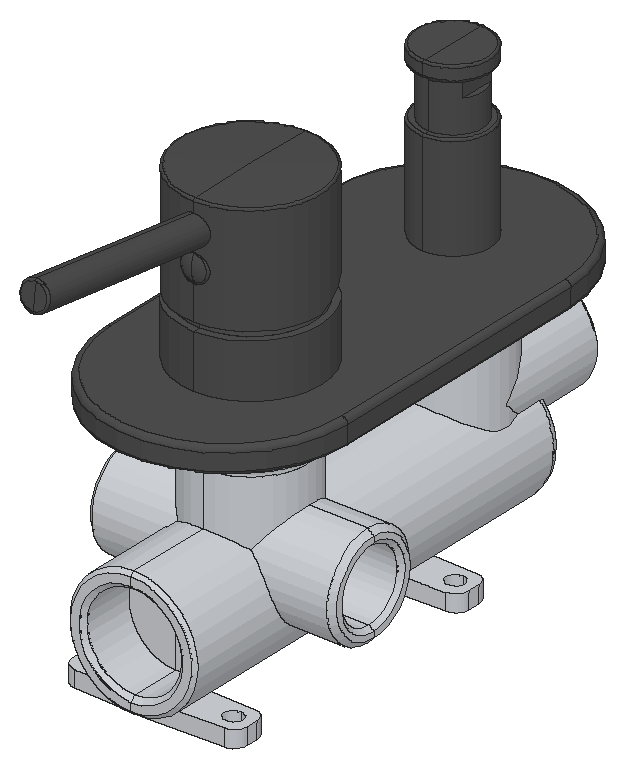
Revit family "Reece_Tap_Mizu_Drift MK2_Shower Mixer_Diverter", category Plumbing Fixtures, host Face, Revit 2018
Family settings
  Host = Face
  Round Connector Dimension = Use Diameter
  Part Type = Normal
  Cut with Voids When Loaded = No
  Shared = Yes
  Room Calculation Point = Yes
Parameters (values of type "Matte Black")
  WFU = 0  # constant formula
  URL = "https://www.reece.com.au/product/-9510605"
  Type Comments = "Tap"
  Reece_Tap_Outlet = 26 mm
  Reece_Tap_Inlet = 20 mm
  Reece_Stand_Radius = 19 mm
  Reece_Product_Web Page = "https://www.reece.com.au/product/-9510605"
  Reece_Product_Type = "Tap"  # constant formula
  Reece_Product_Sub Brand = "Drift MK2"  # constant formula
  Reece_Product_Number = "9510605"
  Reece_Product_Mount = "Wall Mounted"
  Reece_Product_Description = "Mizu Drift MK2 Shower Mixer Kit with Diverter Matte Black"
  Reece_Product_Brand = "Mizu"  # constant formula
  Reece_Overall_Length = 206.5 mm
  Reece_Material-Main = Reece_Brass_Matte Black
  Reece_Detail_Installation = ""
  Reece_Detail_Disclaimer = "THIS FILE IS THE PROPERTY OF THE REECE GROUP. IT MAY NOT BE REPRODUCED, REVERSE-ENGINEERED, OR MODIFIED. ANY REPUBLICATION, TRANSMISSION, OR DISTRIBUTION FOR THE PURPOSE OF COMMERCIALLY EXPLOITING THE FILES IS PROHIBITED."  # constant formula
  Reece_Detail_Connector = ""
  Reece_Detail_Additional = "Diverter"
  Model = "Drift MK2"
  Manufacturer = "Mizu"
  Keynote = "Product #9510605, Reece_Tap_Mizu_Drift MK2_Shower Mixer_Diverter - Matte Black"
  HWFU = 0  # constant formula
  Disclaimer = "THIS FILE IS THE PROPERTY OF THE REECE GROUP. IT MAY NOT BE REPRODUCED, REVERSE-ENGINEERED, OR MODIFIED. ANY REPUBLICATION, TRANSMISSION, OR DISTRIBUTION FOR THE PURPOSE OF COMMERCIALLY EXPLOITING THE FILES IS PROHIBITED."  # constant formula
  Description = "Mizu Drift MK2 Shower Mixer Kit with Diverter Matte Black"
  Default Elevation = 1000 mm
  CWFU = 0  # constant formula
Types (5, lengths in mm): name | URL | Reece_Product_Web Page | Reece_Product_Number | Reece_Product_Description | Reece_Material-Main | Keynote | Description
  Brushed Nickel | "https://www.reece.com.au/product/-9510606" | "https://www.reece.com.au/product/-9510606" | "9510606" | "Mizu Drift MK2 Shower Mixer Kit with Diverter Brushed Nickel" | Reece_Brass_Brushed Nickel | "Product #9510606, Reece_Tap_Mizu_Drift MK2_Shower Mixer_Diverter - Brushed Nickel" | "Mizu Drift MK2 Shower Mixer Kit with Diverter Brushed Nickel"
  Chrome | "https://www.reece.com.au/product/-9510604" | "https://www.reece.com.au/product/-9510604" | "9510604" | "Mizu Drift MK2 Shower Mixer Kit with Diverter Chrome" | Reece_Brass_Chrome | "Product #9510604, Reece_Tap_Mizu_Drift MK2_Shower Mixer_Diverter - Chrome" | "Mizu Drift MK2 Shower Mixer Kit with Diverter Chrome"
  Matte Black | "https://www.reece.com.au/product/-9510605" | "https://www.reece.com.au/product/-9510605" | "9510605" | "Mizu Drift MK2 Shower Mixer Kit with Diverter Matte Black" | Reece_Brass_Matte Black | "Product #9510605, Reece_Tap_Mizu_Drift MK2_Shower Mixer_Diverter - Matte Black" | "Mizu Drift MK2 Shower Mixer Kit with Diverter Matte Black"
  Brushed Gunmetal | "https://www.reece.com.au/product/-2267165" | "https://www.reece.com.au/product/-2267165" | "2267165" | "Mizu Drift MK2 Shower Mixer Kit with Diverter Brushed Gunmetal" | Reece_Brass_Brushed Gunmetal | "Product #2267165, Reece_Tap_Mizu_Drift MK2_Shower Mixer_Diverter - Brushed Gunmetal" | "Mizu Drift MK2 Shower Mixer Kit with Diverter Brushed Gunmetal"
  Brushed Brass | "https://www.reece.com.au/product/-2266757" | "https://www.reece.com.au/product/-2266757" | "2266757" | "Mizu Drift MK2 Shower Mixer Kit with Diverter Brushed Brass" | Reece_Brass_Brushed | "Product #2266757, Reece_Tap_Mizu_Drift MK2_Shower Mixer_Diverter - Brushed Brass" | "Mizu Drift MK2 Shower Mixer Kit with Diverter Brushed Brass"
Reference planes
  plane 1 "Center (Front/Back)": y = 0
  plane 2: z = 0
  plane 3 "Center (Left/Right)": x = 0
  plane 4 "Center L/S": z = 52.721
Forms (mm)
  Revolve 1, solid, material "Reece_Brass_Matte Black" <- "Reece_Material-Main"
    sketch origin (0.055, -29.5, -130.916) x (0.000194, 1, 0) y (0, 0, 1)
      loop
        line (-19, 151.8) -> (-19, 130.916) -> (0, 130.916) -> (0, 157.8) -> (-13.55, 157.8) -> (-13.55, 161.484)
        arc (-13.55, 161.484) -> (-15.908, 156.868) -> (-17, 151.8) r 20
        line (-17, 151.8) -> (-19, 151.8)
      axis (0, 161.484) -> (0, 130.916)
    angle from 0 to 360
  Extrusion 2, void
    sketch origin (0.056, -23.873, 32.943) x (-0.000177, -0.91357, -0.406681) y (1, -0.000194, 0)
      loop
        line (39.237, 24.5) -> (-51.116, 24.5) -> (-51.116, -24.5) -> (39.237, -24.5) -> (39.237, 24.5)
    from -20.185 to -6.612
  Revolve 3, solid, material "Reece_Brass_Matte Black" <- "Reece_Material-Main"
    sketch origin (0.055, -29.5, -130.916) x (0.000194, 1, 0) y (0, 0, 1)
      loop
        line (-72.688, 183.803) -> (-11.291, 175.175) -> (-10.846, 178.344) -> (-11.526, 179.247) -> (-71.636, 187.695)
        arc (-71.636, 187.695) -> (-72.006, 187.599) -> (-72.2, 187.269) r 0.5
        line (-72.2, 187.269) -> (-72.688, 183.803)
      axis (-11.291, 175.175) -> (-72.688, 183.803)
    angle from 0 to 360
  Revolve 4, solid, material "Reece_Brass_Matte Black" <- "Reece_Material-Main"
    sketch origin (0.055, -29.5, -130.916) x (0.000194, 1, 0) y (0, 0, 1)
      loop
        arc (-18.479, 183.631) -> (-18.849, 183.465) -> (-19, 183.089) r 0.542
        line (-19, 183.089) -> (-19, 154.116) -> (-17.998, 154.116) -> (-17.5, 161.235) -> (-17.5, 164.116) -> (0, 164.116) -> (0, 184)
        arc (0, 184) -> (-9.241, 183.907) -> (-18.479, 183.631) r 466.11
      axis (0, 184) -> (0, 154.116)
    angle from 0 to 360
  Revolve 5, void
    sketch origin (0, 0, 0) x (0, -1, 0) y (0, 0, 1)
      loop
        line (-38.5, 11.25) -> (-54.5, 11.25) -> (-54.5, -48.75) -> (-38.5, -48.75) -> (-38.5, 11.25)
      axis (-38.5, -48.75) -> (-38.5, 11.25)
    angle from 0 to 360
  Revolve 6, solid, material "Reece_Brass_Matte Black" <- "Reece_Material-Main"
    sketch origin (0.055, -28.588, -133.53) x (-0.000194, -1, 0) y (0, 0, -1)
      loop
        arc (19.269, -173.642) -> (19.651, -173.532) -> (19.915, -173.234) r 0.716
        arc (19.915, -173.234) -> (20.503, -171.536) -> (20.702, -169.75) r 8.104
        line (20.702, -169.75) -> (16.178, -169.75) -> (16.178, -173.642) -> (19.269, -173.642)
      axis (16.178, -169.75) -> (20.702, -169.75)
    angle from 0 to 360
  Revolve 7, void
    sketch origin (0.055, -28.588, -133.53) x (-0.000194, -1, 0) y (0, 0, -1)
      loop
        arc (20.458, -173.621) -> (20.84, -173.51) -> (21.104, -173.213) r 0.716
        arc (21.104, -173.213) -> (21.689, -171.525) -> (21.891, -169.75) r 8.104
        line (21.891, -169.75) -> (17.922, -169.75) -> (17.922, -173.621) -> (20.458, -173.621)
      axis (17.922, -169.75) -> (21.891, -169.75)
    angle from 0 to 360
  Extrusion 8, solid, material "Reece_Brass_Matte Black" <- "Reece_Material-Main"
    sketch origin (0, 0, 0) x (0, -1, 0) y (1, 0, 0)
      loop
        arc (-37.5, 27.5) -> (-65, 0) -> (-37.5, -27.5) r 27.5
        line (-37.5, -27.5) -> (37.5, -27.5)
        arc (37.5, -27.5) -> (65, 0) -> (37.5, 27.5) r 27.5
        line (37.5, 27.5) -> (-37.5, 27.5)
      loop
        circle (29.5, 0.055) r 19
      loop
        circle (-38.5, 0) r 10
    from 0 to 6.5
  Sweep 9, solid, material "Reece_Brass_Matte Black" <- "Reece_Material-Main"
    path origin (0, 0, 0) x (0, -1, 0) y (1, 0, 0)
      loop
        line (-37.5, -32.5) -> (37.5, -32.5)
        arc (37.5, -32.5) -> (70, 0) -> (37.5, 32.5) r 32.5
        line (37.5, 32.5) -> (-37.5, 32.5)
        arc (-37.5, 32.5) -> (-70, 0) -> (-37.5, -32.5) r 32.5
    profile origin (-32.5, 0, 0) x (1, 0, 0) y (0, 0, 1)
      loop
        line (0, 5) -> (0, 0.5)
        arc (0, 0.5) -> (0.146, 0.146) -> (0.5, 0) r 0.5
        line (0.5, 0) -> (5, 0) -> (5, 6.5) -> (1.5, 6.5)
        arc (1.5, 6.5) -> (0.439, 6.061) -> (0, 5) r 1.5
  Revolve 10, solid, material "Reece_Brass_Matte Black" <- "Reece_Material-Main", not visible
    sketch origin (49.911, 0.055, -117.916) x (0, 1, 0) y (0, 0, 1)
      loop
        line (-19, 151.8) -> (-19, 130.916) -> (0, 130.916) -> (0, 157.8) -> (-13.55, 157.8) -> (-13.55, 161.484)
        arc (-13.55, 161.484) -> (-15.908, 156.868) -> (-17, 151.8) r 20
        line (-17, 151.8) -> (-19, 151.8)
      axis (0, 161.484) -> (0, 130.916)
    angle from 0 to 360
  Extrusion 11, void, not visible
    sketch origin (49.911, 5.683, 45.943) x (0, -0.91357, -0.406681) y (1, 0, 0)
      loop
        line (39.237, 24.5) -> (-51.116, 24.5) -> (-51.116, -24.5) -> (39.237, -24.5) -> (39.237, 24.5)
    from -20.185 to -6.612
  Revolve 12, solid, material "Reece_Brass_Matte Black" <- "Reece_Material-Main", not visible
    sketch origin (49.911, 0.055, -117.916) x (0, 1, 0) y (0, 0, 1)
      loop
        line (-72.688, 183.803) -> (-11.291, 175.175) -> (-10.846, 178.344) -> (-11.526, 179.247) -> (-71.636, 187.695)
        arc (-71.636, 187.695) -> (-72.006, 187.599) -> (-72.2, 187.269) r 0.5
        line (-72.2, 187.269) -> (-72.688, 183.803)
      axis (-11.291, 175.175) -> (-72.688, 183.803)
    angle from 0 to 360
  Revolve 13, solid, material "Reece_Brass_Matte Black" <- "Reece_Material-Main", not visible
    sketch origin (49.911, 0.055, -117.916) x (0, 1, 0) y (0, 0, 1)
      loop
        arc (-18.479, 183.631) -> (-18.849, 183.465) -> (-19, 183.089) r 0.542
        line (-19, 183.089) -> (-19, 154.116) -> (-17.998, 154.116) -> (-17.5, 161.235) -> (-17.5, 164.116) -> (0, 164.116) -> (0, 184)
        arc (0, 184) -> (-9.241, 183.907) -> (-18.479, 183.631) r 466.11
      axis (0, 184) -> (0, 154.116)
    angle from 0 to 360
  Revolve 14, solid, material "Reece_Brass_Matte Black" <- "Reece_Material-Main", not visible
    sketch origin (49.911, 0.967, -120.53) x (0, -1, 0) y (0, 0, -1)
      loop
        arc (19.269, -173.642) -> (19.651, -173.532) -> (19.915, -173.234) r 0.716
        arc (19.915, -173.234) -> (20.503, -171.536) -> (20.702, -169.75) r 8.104
        line (20.702, -169.75) -> (16.178, -169.75) -> (16.178, -173.642) -> (19.269, -173.642)
      axis (16.178, -169.75) -> (20.702, -169.75)
    angle from 0 to 360
  Revolve 15, void, not visible
    sketch origin (49.911, 0.967, -120.53) x (0, -1, 0) y (0, 0, -1)
      loop
        arc (20.458, -173.621) -> (20.84, -173.51) -> (21.104, -173.213) r 0.716
        arc (21.104, -173.213) -> (21.689, -171.525) -> (21.891, -169.75) r 8.104
        line (21.891, -169.75) -> (17.922, -169.75) -> (17.922, -173.621) -> (20.458, -173.621)
      axis (17.922, -169.75) -> (21.891, -169.75)
    angle from 0 to 360
  Revolve 16, solid, material "Reece_Brass_Matte Black" <- "Reece_Material-Main"
    sketch origin (0, 0, 0) x (0, 1, 0) y (0, 0, 1)
      loop
        line (38.5, 52.15) -> (29, 52.15)
        arc (29, 52.15) -> (28.646, 52.004) -> (28.5, 51.65) r 0.5
        line (28.5, 51.65) -> (28.5, 48.65)
        arc (28.5, 48.65) -> (28.646, 48.296) -> (29, 48.15) r 0.5
        line (29, 48.15) -> (30, 48.15)
        arc (30, 48.15) -> (30.354, 48.004) -> (30.5, 47.65) r 0.5
        line (30.5, 47.65) -> (30.5, 34.5) -> (29, 34.5)
        arc (29, 34.5) -> (28.646, 34.354) -> (28.5, 34) r 0.5
        line (28.5, 34) -> (28.5, 0) -> (38.5, 0) -> (38.5, 52.15)
      axis (38.5, 0) -> (38.5, 52.15)
    angle from 0 to 360
  Extrusion 17, void
    sketch origin (0, 0, 0) x (0, 1, 0) y (0, 0, 1)
      loop
        line (43.164, 43.15) -> (43.164, 48.15) -> (33.836, 48.15) -> (33.836, 43.15) -> (43.164, 43.15)
    from 6.5 to 12
  Extrusion 18, void
    sketch origin (0, 0, 0) x (0, 1, 0) y (0, 0, -1)
      loop
        line (43.164, -43.15) -> (33.836, -43.15) -> (33.836, -48.15) -> (43.164, -48.15) -> (43.164, -43.15)
    from 6.5 to 12
  Revolve 19, solid
    sketch origin (0, -12.5, 5) x (0, 1, 0) y (0, 0, -1)
      loop
        line (68, 35) -> (68, 44.75) -> (81.8, 44.75) -> (83, 45.95) -> (83, 47.75) -> (81.5, 49.25) -> (51, 49.25) -> (51, 35) -> (68, 35)
      axis (83, 35) -> (51, 35)
    angle from 0 to 360
  Revolve 20, solid
    sketch origin (0, -11.5, 0) x (0, -1, 0) y (0, 0, 1)
      loop
        line (-50, 0) -> (-50, -48.75) -> (-35.75, -48.75) -> (-35.75, -15.5)
        arc (-35.75, -15.5) -> (-34.475, -14.393) -> (-34, -12.773) r 3
        line (-34, -12.773) -> (-34, -8.5) -> (-35, -7.5) -> (-38.85, -7.5) -> (-38.85, 0) -> (-50, 0)
      axis (-50, -48.75) -> (-50, 0)
    angle from 0 to 360
  Extrusion 21, solid
    sketch origin (0, -33.75, -12.75) x (0, -1, 0) y (1, 0, 0)
      loop
        line (-44.179, 0) -> (-44.882, 20.122)
        arc (-44.882, 20.122) -> (-45.949, 22.518) -> (-48.38, 23.5) r 3.5
        line (-48.38, 23.5) -> (-51.62, 23.5)
        arc (-51.62, 23.5) -> (-54.051, 22.518) -> (-55.118, 20.122) r 3.5
        line (-55.118, 20.122) -> (-55.821, 0) -> (-55.118, -20.122)
        arc (-55.118, -20.122) -> (-54.051, -22.518) -> (-51.62, -23.5) r 3.5
        line (-51.62, -23.5) -> (-48.38, -23.5)
        arc (-48.38, -23.5) -> (-45.949, -22.518) -> (-44.882, -20.122) r 3.5
        line (-44.882, -20.122) -> (-44.179, 0)
      loop
        circle (-50, 18.5) r 2.5
      loop
        circle (-50, -18.5) r 2.5
    from -52.75 to -48.3
  Revolve 22, solid
    sketch origin (0, -12.089, -13.5) x (0, -1, 0) y (0, 0, 1)
      loop
        line (-62.839, -49) -> (56.411, -49) -> (57.411, -48) -> (57.411, -45.7) -> (56.211, -44.5) -> (42.411, -44.5) -> (42.411, -31.75) -> (-64.839, -31.75) -> (-64.839, -47)
        arc (-64.839, -47) -> (-64.253, -48.414) -> (-62.839, -49) r 2
      axis (57.411, -31.75) -> (-64.839, -31.75)
    angle from 0 to 360
  Revolve 23, solid
    sketch origin (7.086, -29.504, -37.45) x (-1, 0, 0) y (0, 0, 1)
      loop
        line (8.163, -13.75) -> (38.586, -13.75) -> (40.086, -12.25) -> (40.086, -10.7) -> (38.886, -9.5) -> (25.086, -9.5) -> (25.086, 0) -> (8.163, 0) -> (8.163, -13.75)
      axis (8.163, 0) -> (40.086, 0)
    angle from 0 to 360
  Revolve 24, solid
    sketch origin (0, 0, 0) x (0, 1, 0) y (0, 0, 1)
      loop
        line (-48.5, -8) -> (-49.5, -8) -> (-49.5, -9.175)
        arc (-49.5, -9.175) -> (-49.09, -10.205) -> (-48.083, -10.672) r 1.5
        arc (-48.083, -10.672) -> (-46.071, -11.606) -> (-45.25, -13.668) r 3
        line (-45.25, -13.668) -> (-45.25, -37.25) -> (-29.5, -37.25) -> (-29.5, -0.7) -> (-48.5, -0.7) -> (-48.5, -8)
      axis (-29.5, -37.25) -> (-29.5, -0.7)
    angle from 0 to 360
  Extrusion 25, solid
    sketch origin (0, -108.25, -12.75) x (0, -1, 0) y (1, 0, 0)
      loop
        line (-44.179, 0) -> (-44.882, 20.122)
        arc (-44.882, 20.122) -> (-45.949, 22.518) -> (-48.38, 23.5) r 3.5
        line (-48.38, 23.5) -> (-51.62, 23.5)
        arc (-51.62, 23.5) -> (-54.051, 22.518) -> (-55.118, 20.122) r 3.5
        line (-55.118, 20.122) -> (-55.821, 0) -> (-55.118, -20.122)
        arc (-55.118, -20.122) -> (-54.051, -22.518) -> (-51.62, -23.5) r 3.5
        line (-51.62, -23.5) -> (-48.38, -23.5)
        arc (-48.38, -23.5) -> (-45.949, -22.518) -> (-44.882, -20.122) r 3.5
        line (-44.882, -20.122) -> (-44.179, 0)
      loop
        circle (-50, 18.5) r 2.5
      loop
        circle (-50, -18.5) r 2.5
    from -52.75 to -48.3
  Revolve 26, solid
    sketch origin (-6.975, -29.502, -37.45) x (1, -0.000388, 0) y (0, 0, -1)
      loop
        line (8.163, 13.75) -> (8.163, 0) -> (25.086, 0) -> (25.086, 9.5) -> (38.886, 9.5) -> (40.086, 10.7) -> (40.086, 12.25) -> (38.586, 13.75) -> (8.163, 13.75)
      axis (8.163, 0) -> (40.086, 0)
    angle from 0 to 360
  Revolve 27, void
    sketch origin (0, 0, 0) x (0, 1, 0) y (0, 0, 1)
      loop
        line (-49.5, 6.5) -> (-49.5, -37.25) -> (-29.5, -37.25) -> (-29.5, 6.5) -> (-49.5, 6.5)
      axis (-29.5, 6.5) -> (-29.5, -37.25)
    angle from 0 to 360
Cuts and joins
  Extrusion 2, Revolve 7 cuts Revolve 4
  joined: Revolve 3, Revolve 4
  Extrusion 17, Extrusion 18 cuts Revolve 16
  joined: Extrusion 8, Sweep 9
  joined: Revolve 19, Revolve 20, Extrusion 21, Revolve 22, Revolve 23, Revolve 24, Extrusion 25, Revolve 26
Lines and regions (mm)
  reference lines
    curve 1: line (0.05, -57.169, 10.883) -> (0.064, 13.817, 42.483)
  reference lines, not visible
    curve 2: line (49.911, -27.613, 23.883) -> (49.911, 43.373, 55.483)
Text (mm)
  text "Reece Copyright © 2018, Reece Ltd." at (-1403.988, -1192.393, 0), in view "Ref. Level"
  text "Reece ©" at (65.482, 230.791, 143.088), in view "Reece Preview"
Dimensions and locks
  locked: Revolve 1 sketch curve to Revolve 1 sketch curve at 6
  "Reece_Stand_Radius": Revolve 1 sketch curve to Revolve 1 sketch curve
  Extrusion 2 sketch curve to Extrusion 2 sketch curve = 49 mm
  locked: Revolve 3 sketch curve to Revolve 3 sketch curve at 4
  "Reece_Stand_Radius": Revolve 4 sketch curve to Revolve 4 sketch curve
  locked: Revolve 4 sketch curve to Revolve 4 sketch curve at 1.5
  locked: Revolve 4 sketch curve to Revolve 4 sketch curve at 10
  locked: Revolve 10 sketch curve to Revolve 10 sketch curve at 6
  "Reece_Stand_Radius": Revolve 10 sketch curve to Revolve 10 sketch curve
  Extrusion 11 sketch curve to Extrusion 11 sketch curve = 49 mm
  locked: Revolve 12 sketch curve to Revolve 12 sketch curve at 4
  "Reece_Stand_Radius": Revolve 13 sketch curve to Revolve 13 sketch curve
  locked: Revolve 13 sketch curve to Revolve 13 sketch curve at 1.5
  locked: Revolve 13 sketch curve to Revolve 13 sketch curve at 10
  aligned and locked: plane 2 to host face
  aligned and locked: level to host face
  aligned and locked: Revolve 4 sketch curve to Revolve 4 sketch curve
  aligned and locked: Revolve 13 sketch curve to Revolve 13 sketch curve
Automatic sketch dimensions
  Extrusion 2 sketch curve to Extrusion 2 sketch curve = 90.354 mm
  Revolve 3 sketch curve to Revolve 3 sketch curve = 0.487 mm
  Revolve 3 sketch curve to Revolve 3 sketch curve = 0.495 mm
  Revolve 3 sketch curve to Revolve 3 sketch curve = 1.399 mm
  Revolve 6 sketch curve to Revolve 6 sketch curve = 3.58 mm
  Revolve 6 sketch curve to Revolve 6 sketch curve = 3.091 mm
  Revolve 6 sketch curve to Revolve 6 sketch curve = 1.433 mm
  Revolve 6 sketch curve to Revolve 6 sketch curve = 0.716 mm
  Revolve 6 sketch curve to Revolve 6 sketch curve = 3.892 mm
  Revolve 6 sketch curve to Revolve 6 sketch curve = 0.925 mm
  Revolve 6 sketch curve to Revolve 6 sketch curve = 4.804 mm
  Revolve 6 sketch curve to Revolve 6 sketch curve = 0 mm
  Revolve 7 sketch curve to Revolve 7 sketch curve = 4.135 mm
  Revolve 7 sketch curve to Revolve 7 sketch curve = 2.536 mm
  Revolve 7 sketch curve to Revolve 7 sketch curve = 1.433 mm
  Revolve 7 sketch curve to Revolve 7 sketch curve = 0.716 mm
  Revolve 7 sketch curve to Revolve 7 sketch curve = 3.871 mm
  Revolve 7 sketch curve to Revolve 7 sketch curve = 0.021 mm
  Revolve 7 sketch curve to Revolve 7 sketch curve = 0.264 mm
  Revolve 7 sketch curve to Revolve 7 sketch curve = 3.615 mm
  Revolve 7 sketch curve to Revolve 7 sketch curve = 0 mm
  Revolve 3 sketch curve to Revolve 3 sketch curve = 0.07 mm
  Revolve 3 sketch curve to Revolve 3 sketch curve = 60.109 mm
  Revolve 3 sketch curve to Revolve 3 sketch curve = 0.236 mm
  Revolve 3 sketch curve to Revolve 3 sketch curve = 0.681 mm
  Revolve 3 sketch curve to Revolve 3 sketch curve = 3.169 mm
  Revolve 3 sketch curve to Revolve 3 sketch curve = 11.291 mm
  Revolve 3 sketch curve to Revolve 3 sketch curve = 1.587 mm
  Revolve 3 sketch curve to Revolve 3 sketch curve = 0.197 mm
  Extrusion 11 sketch curve to Extrusion 11 sketch curve = 90.354 mm
  Revolve 12 sketch curve to Revolve 12 sketch curve = 0.487 mm
  Revolve 12 sketch curve to Revolve 12 sketch curve = 0.495 mm
  Revolve 12 sketch curve to Revolve 12 sketch curve = 1.399 mm
  Revolve 14 sketch curve to Revolve 14 sketch curve = 3.58 mm
  Revolve 14 sketch curve to Revolve 14 sketch curve = 3.091 mm
  Revolve 14 sketch curve to Revolve 14 sketch curve = 1.433 mm
  Revolve 14 sketch curve to Revolve 14 sketch curve = 0.716 mm
  Revolve 14 sketch curve to Revolve 14 sketch curve = 3.892 mm
  Revolve 14 sketch curve to Revolve 14 sketch curve = 0.925 mm
  Revolve 14 sketch curve to Revolve 14 sketch curve = 4.804 mm
  Revolve 14 sketch curve to Revolve 14 sketch curve = 0 mm
  Revolve 15 sketch curve to Revolve 15 sketch curve = 4.135 mm
  Revolve 15 sketch curve to Revolve 15 sketch curve = 2.536 mm
  Revolve 15 sketch curve to Revolve 15 sketch curve = 1.433 mm
  Revolve 15 sketch curve to Revolve 15 sketch curve = 0.716 mm
  Revolve 15 sketch curve to Revolve 15 sketch curve = 3.871 mm
  Revolve 15 sketch curve to Revolve 15 sketch curve = 0.021 mm
  Revolve 15 sketch curve to Revolve 15 sketch curve = 0.264 mm
  Revolve 15 sketch curve to Revolve 15 sketch curve = 3.615 mm
  Revolve 15 sketch curve to Revolve 15 sketch curve = 0 mm
  Revolve 12 sketch curve to Revolve 12 sketch curve = 0.07 mm
  Revolve 12 sketch curve to Revolve 12 sketch curve = 60.109 mm
  Revolve 12 sketch curve to Revolve 12 sketch curve = 0.236 mm
  Revolve 12 sketch curve to Revolve 12 sketch curve = 0.681 mm
  Revolve 12 sketch curve to Revolve 12 sketch curve = 3.169 mm
  Revolve 12 sketch curve to Revolve 12 sketch curve = 11.291 mm
  Revolve 12 sketch curve to Revolve 12 sketch curve = 1.587 mm
  Revolve 12 sketch curve to Revolve 12 sketch curve = 0.197 mm
  Revolve 1 sketch curve to Revolve 1 sketch curve = 2 mm
  Revolve 1 sketch curve to Revolve 1 sketch curve = 3.45 mm
  Revolve 1 sketch curve to Revolve 1 sketch curve = 13.55 mm
  Revolve 1 sketch curve to Revolve 1 sketch curve = 2.932 mm
  Revolve 1 sketch curve to Revolve 1 sketch curve = 19.24 mm
  Revolve 1 sketch curve to Revolve 1 sketch curve = 20.884 mm
  Revolve 1 sketch curve to Revolve 1 sketch curve = 471.726 mm
  Revolve 1 sketch curve to Revolve 1 sketch curve = 2311.385 mm
  Revolve 10 sketch curve to Revolve 10 sketch curve = 2 mm
  Revolve 10 sketch curve to Revolve 10 sketch curve = 3.45 mm
  Revolve 10 sketch curve to Revolve 10 sketch curve = 13.55 mm
  Revolve 10 sketch curve to Revolve 10 sketch curve = 2.932 mm
  Revolve 10 sketch curve to Revolve 10 sketch curve = 19.24 mm
  Revolve 10 sketch curve to Revolve 10 sketch curve = 20.884 mm
  Revolve 10 sketch curve to Revolve 10 sketch curve = 471.726 mm
  Revolve 10 sketch curve to Revolve 10 sketch curve = 2311.385 mm
  host sketch curve to host sketch curve = 380.785 mm
  host sketch curve to host sketch curve = 317.421 mm
  Extrusion 17 sketch curve to plane 1 "Center (Front/Back)" = 33.836 mm
  Extrusion 17 sketch curve to Extrusion 17 sketch curve = 9.327 mm
  Extrusion 17 sketch curve to Extrusion 17 sketch curve = 5 mm
  Extrusion 18 sketch curve to plane 1 "Center (Front/Back)" = 33.836 mm
  Extrusion 18 sketch curve to Extrusion 18 sketch curve = 9.327 mm
  Extrusion 18 sketch curve to Extrusion 18 sketch curve = 5 mm
  Sweep 9 sketch curve to plane 1 "Center (Front/Back)" = 37.5 mm
  Sweep 9 sketch curve to Sweep 9 sketch curve = 0 mm  (x3)
  plane 1 "Center (Front/Back)" to Sweep 9 sketch curve = 37.5 mm
  Sweep 9 sketch curve to plane 3 "Center (Left/Right)" = 32.5 mm
  Sweep 9 sketch curve to plane 3 "Center (Left/Right)" = 0 mm  (x2)
  profile plane to Sweep 9 sketch curve = 0 mm
  Sweep 9 sketch curve to level = 0 mm
  Sweep 9 sketch curve to profile plane = 0.5 mm
  Sweep 9 sketch curve to profile plane = 1.5 mm
  Sweep 9 sketch curve to Sweep 9 sketch curve = 3.5 mm
  Sweep 9 sketch curve to Sweep 9 sketch curve = 4.5 mm
  plane 3 "Center (Left/Right)" to Extrusion 8 sketch curve = 0.055 mm
  plane 1 "Center (Front/Back)" to Extrusion 8 sketch curve = 29.5 mm
  Extrusion 8 sketch curve to plane 3 "Center (Left/Right)" = 0 mm  (x2)
  Extrusion 8 sketch curve to Extrusion 8 sketch curve = 8 mm
  Extrusion 8 sketch curve to Extrusion 8 sketch curve = 27.5 mm
  Extrusion 8 sketch curve to Extrusion 8 sketch curve = 8.556 mm
  Extrusion 8 sketch curve to Extrusion 8 sketch curve = 0 mm  (x2)
  Extrusion 8 sketch curve to plane 1 "Center (Front/Back)" = 37.5 mm
  Extrusion 8 sketch curve to Extrusion 8 sketch curve = 1 mm
  Extrusion 8 sketch curve to Extrusion 8 sketch curve = 9 mm
  Revolve 16 sketch curve to level = 0 mm
  Revolve 16 sketch curve to plane 1 "Center (Front/Back)" = 28.5 mm
  Revolve 16 sketch curve to Revolve 16 sketch curve = 0 mm  (x2)
  Revolve 16 sketch curve to Revolve 16 sketch curve = 0.5 mm  (x3)
  Revolve 16 sketch curve to Revolve 16 sketch curve = 1 mm  (x2)
  Revolve 16 sketch curve to Revolve 16 sketch curve = 1.5 mm
  Revolve 16 sketch curve to Revolve 16 sketch curve = 8 mm
  Revolve 16 sketch curve to Revolve 16 sketch curve = 13.15 mm
  Revolve 16 sketch curve to Revolve 16 sketch curve = 3 mm
  Revolve 16 sketch curve to Revolve 16 sketch curve = 52.868 mm
  Revolve 19 sketch curve to Revolve 19 sketch curve = 17 mm
  Revolve 19 sketch curve to Revolve 19 sketch curve = 13.5 mm
  Revolve 19 sketch curve to Revolve 19 sketch curve = 0.3 mm
  Revolve 19 sketch curve to Revolve 19 sketch curve = 1.5 mm  (x2)
  Revolve 19 sketch curve to Revolve 19 sketch curve = 9.75 mm
  Revolve 19 sketch curve to Revolve 19 sketch curve = 1.2 mm
  Revolve 19 sketch curve to Revolve 19 sketch curve = 1.8 mm
  Revolve 19 sketch curve to Revolve 19 sketch curve = 14.25 mm
  Revolve 19 sketch curve to Revolve 19 sketch curve = 4.663 mm
  Revolve 19 sketch curve to Revolve 19 sketch curve = 25.491 mm
  Revolve 19 sketch curve to Revolve 19 sketch curve = 10.95 mm
  Revolve 20 sketch curve to Revolve 20 sketch curve = 11.15 mm
  Revolve 20 sketch curve to Revolve 20 sketch curve = 1.85 mm
  Revolve 20 sketch curve to Revolve 20 sketch curve = 1.25 mm
  Revolve 20 sketch curve to Revolve 20 sketch curve = 3.85 mm
  Revolve 20 sketch curve to Revolve 20 sketch curve = 33.25 mm
  Revolve 20 sketch curve to Revolve 20 sketch curve = 5.273 mm
  Revolve 20 sketch curve to Revolve 20 sketch curve = 7.5 mm
  Revolve 20 sketch curve to Revolve 20 sketch curve = 0 mm
  Revolve 20 sketch curve to Revolve 20 sketch curve = 17.25 mm
  Revolve 20 sketch curve to Revolve 20 sketch curve = 4.525 mm
  Revolve 20 sketch curve to Revolve 20 sketch curve = 1 mm  (x2)
  Extrusion 21 sketch curve to Extrusion 21 sketch curve = 0.703 mm  (x2)
  Extrusion 21 sketch curve to Extrusion 21 sketch curve = 3.498 mm  (x4)
  Extrusion 21 sketch curve to Extrusion 21 sketch curve = 1.62 mm  (x2)
  Extrusion 21 sketch curve to Extrusion 21 sketch curve = 3.24 mm  (x2)
  Extrusion 21 sketch curve to Extrusion 21 sketch curve = 11.641 mm
  Extrusion 21 sketch curve to Extrusion 21 sketch curve = 3.378 mm  (x2)
  Extrusion 21 sketch curve to Extrusion 21 sketch curve = 1.5 mm  (x3)
  Extrusion 21 sketch curve to Extrusion 21 sketch curve = 18.5 mm  (x2)
  Extrusion 21 sketch curve to Extrusion 21 sketch curve = 0 mm
  Extrusion 21 sketch curve to Extrusion 21 sketch curve = 0.122 mm
  Revolve 23 sketch curve to Revolve 23 sketch curve = 16.922 mm
  Revolve 23 sketch curve to Revolve 23 sketch curve = 13.5 mm
  Revolve 23 sketch curve to Revolve 23 sketch curve = 0.3 mm
  Revolve 23 sketch curve to Revolve 23 sketch curve = 1.5 mm  (x2)
  Revolve 23 sketch curve to Revolve 23 sketch curve = 1.55 mm
  Revolve 23 sketch curve to Revolve 23 sketch curve = 4.25 mm
  Revolve 23 sketch curve to Revolve 23 sketch curve = 9.5 mm  (x2)
  Revolve 23 sketch curve to Revolve 23 sketch curve = 8.163 mm
  Revolve 23 sketch curve to Revolve 23 sketch curve = 1.114 mm
  Revolve 24 sketch curve to Revolve 24 sketch curve = 1 mm
  Revolve 24 sketch curve to Revolve 24 sketch curve = 1.25 mm
  Revolve 24 sketch curve to Revolve 24 sketch curve = 0.5 mm
  Revolve 24 sketch curve to Revolve 24 sketch curve = 3 mm
  Revolve 24 sketch curve to Revolve 24 sketch curve = 4.493 mm
  Revolve 24 sketch curve to Revolve 24 sketch curve = 1.175 mm
  Revolve 24 sketch curve to Revolve 24 sketch curve = 19 mm
  Revolve 24 sketch curve to Revolve 24 sketch curve = 0 mm
  Revolve 24 sketch curve to Revolve 24 sketch curve = 36.55 mm
  Revolve 24 sketch curve to Revolve 24 sketch curve = 18.995 mm
  Extrusion 25 sketch curve to Extrusion 25 sketch curve = 0.703 mm  (x2)
  Extrusion 25 sketch curve to Extrusion 25 sketch curve = 3.498 mm  (x4)
  Extrusion 25 sketch curve to Extrusion 25 sketch curve = 1.62 mm  (x2)
  Extrusion 25 sketch curve to Extrusion 25 sketch curve = 3.24 mm  (x2)
  Extrusion 25 sketch curve to Extrusion 25 sketch curve = 11.641 mm
  Extrusion 25 sketch curve to Extrusion 25 sketch curve = 3.378 mm  (x2)
  Extrusion 25 sketch curve to Extrusion 25 sketch curve = 1.5 mm  (x3)
  Extrusion 25 sketch curve to Extrusion 25 sketch curve = 18.5 mm  (x2)
  Extrusion 25 sketch curve to Extrusion 25 sketch curve = 0 mm
  Extrusion 25 sketch curve to Extrusion 25 sketch curve = 0.122 mm
  Revolve 26 sketch curve to Revolve 26 sketch curve = 16.922 mm
  Revolve 26 sketch curve to Revolve 26 sketch curve = 13.5 mm
  Revolve 26 sketch curve to Revolve 26 sketch curve = 0.3 mm
  Revolve 26 sketch curve to Revolve 26 sketch curve = 1.5 mm
  Revolve 26 sketch curve to Revolve 26 sketch curve = 9.5 mm  (x2)
  Revolve 26 sketch curve to Revolve 26 sketch curve = 1.2 mm
  Revolve 26 sketch curve to Revolve 26 sketch curve = 1.55 mm
  Revolve 26 sketch curve to Revolve 26 sketch curve = 13.75 mm
  Revolve 26 sketch curve to Revolve 26 sketch curve = 8.163 mm
  Revolve 26 sketch curve to Revolve 26 sketch curve = 1.114 mm
  Revolve 5 sketch curve to Revolve 5 sketch curve = 16 mm
  Revolve 5 sketch curve to Revolve 5 sketch curve = 60 mm
  Revolve 5 sketch curve to Revolve 5 sketch curve = 0 mm
  Revolve 5 sketch curve to Revolve 5 sketch curve = 17.25 mm
  Revolve 5 sketch curve to Revolve 5 sketch curve = 15.775 mm
  Revolve 24 sketch curve to Revolve 24 sketch curve = 12.968 mm
  Revolve 24 sketch curve to Revolve 24 sketch curve = 9.78 mm
  plane 1 "Center (Front/Back)" to Revolve 27 sketch curve = 49.5 mm
  Revolve 27 sketch curve to level = 37.25 mm
  plane 1 "Center (Front/Back)" to Revolve 27 sketch curve = 29.5 mm  (x2)
  level to Revolve 27 sketch curve = 6.5 mm
  Revolve 27 sketch curve to Revolve 27 sketch curve = 0 mm
  Revolve 5 sketch curve to plane 1 "Center (Front/Back)" = 54.5 mm
  Revolve 5 sketch curve to level = 48.75 mm
  Revolve 19 sketch curve to plane 1 "Center (Front/Back)" = 38.5 mm
  Revolve 19 sketch curve to level = 30 mm
  Revolve 20 sketch curve to level = 0 mm
  Revolve 20 sketch curve to plane 1 "Center (Front/Back)" = 38.5 mm
  Extrusion 21 sketch curve to plane 3 "Center (Left/Right)" = 0 mm
  Extrusion 21 sketch curve to plane 1 "Center (Front/Back)" = 22.071 mm
  Revolve 23 sketch curve to plane 3 "Center (Left/Right)" = 1.078 mm
  Revolve 23 sketch curve to level = 51.2 mm
  Revolve 24 sketch curve to level = 9.175 mm
  plane 1 "Center (Front/Back)" to Revolve 24 sketch curve = 49.5 mm
  Extrusion 25 sketch curve to plane 3 "Center (Left/Right)" = 0 mm
  plane 1 "Center (Front/Back)" to Extrusion 25 sketch curve = 52.429 mm
  Revolve 26 sketch curve to level = 51.2 mm
  Revolve 22 sketch curve to plane 1 "Center (Front/Back)" = 52.75 mm
  Revolve 22 sketch curve to Revolve 22 sketch curve = 2 mm
  Revolve 22 sketch curve to Revolve 22 sketch curve = 0 mm
  plane 1 "Center (Front/Back)" to Revolve 22 sketch curve = 54.5 mm
  Revolve 22 sketch curve to Revolve 22 sketch curve = 13.8 mm
  Revolve 22 sketch curve to Revolve 22 sketch curve = 0.2 mm
  Revolve 22 sketch curve to Revolve 22 sketch curve = 1.2 mm
  Revolve 22 sketch curve to level = 62.5 mm  (x2)
  Revolve 22 sketch curve to Revolve 22 sketch curve = 1 mm
  Revolve 22 sketch curve to Revolve 22 sketch curve = 2.3 mm
  Revolve 22 sketch curve to Revolve 22 sketch curve = 4.5 mm
  Revolve 22 sketch curve to Revolve 22 sketch curve = 15.25 mm
  Revolve 22 sketch curve to Revolve 22 sketch curve = 0.549 mm
  Revolve 22 sketch curve to Revolve 22 sketch curve = 52.828 mm
  Revolve 22 sketch curve to Revolve 22 sketch curve = 12.75 mm
  Revolve 16 sketch curve to Revolve 16 sketch curve = 34 mm
  level to Extrusion 17 sketch curve = 43.15 mm
  level to Extrusion 18 sketch curve = 48.15 mm
  Revolve 27 sketch curve to Revolve 27 sketch curve = 48.91 mm
  Revolve 4 sketch curve to Revolve 4 sketch curve = 0.542 mm
  Revolve 4 sketch curve to Revolve 4 sketch curve = 1.002 mm
  Revolve 4 sketch curve to Revolve 4 sketch curve = 0.055 mm
  Revolve 4 sketch curve to Revolve 4 sketch curve = 436.226 mm
  Revolve 4 sketch curve to Revolve 4 sketch curve = 2.881 mm
  Revolve 4 sketch curve to Revolve 4 sketch curve = 18.973 mm
  Revolve 4 sketch curve to Revolve 4 sketch curve = 0.911 mm
  Revolve 4 sketch curve to Revolve 4 sketch curve = 58.7 mm
  Revolve 4 sketch curve to Revolve 4 sketch curve = 2237.864 mm
  Revolve 13 sketch curve to Revolve 13 sketch curve = 0.542 mm
  Revolve 13 sketch curve to Revolve 13 sketch curve = 1.002 mm
  Revolve 13 sketch curve to Revolve 13 sketch curve = 0.055 mm
  Revolve 13 sketch curve to Revolve 13 sketch curve = 436.226 mm
  Revolve 13 sketch curve to Revolve 13 sketch curve = 2.881 mm
  Revolve 13 sketch curve to Revolve 13 sketch curve = 18.973 mm
  Revolve 13 sketch curve to Revolve 13 sketch curve = 0.911 mm
  Revolve 13 sketch curve to Revolve 13 sketch curve = 58.7 mm
  Revolve 13 sketch curve to Revolve 13 sketch curve = 2237.864 mm
  radius of Extrusion 21 sketch curve = 2.5 mm  (x2)
  radius of Extrusion 25 sketch curve = 2.5 mm  (x2)
Connectors
  piping at (0, -54.5, -45.25), diameter 26, driven by "Reece_Tap_Outlet"
    settings: on cut or joined group of Revolve 19, Revolve 20, Extrusion 21, Revolve 22, Revolve 23, Revolve 24, Extrusion 25, Revolve 26, index 1, connector inside diameter 609.6 mm, connector length 0 mm, flow factor 0, pipe flow 0.0 L/s, pressure drop 0.0 Pa, fitting loss kfactor 0, connector angle 0.00°, fixture units 0, engagement length 0 mm, angle of deflection 0.00°, flow configuration 0, flow direction 2, fitting loss method 0, system type 7, joint type 0, gender type 0, connector reference index -1, connector utility 0, adjustable connector no, is connector primary yes, connector description ""
  piping at (0, 55.5, -30), diameter 26, driven by "Reece_Tap_Outlet"
    settings: on cut or joined group of Revolve 19, Revolve 20, Extrusion 21, Revolve 22, Revolve 23, Revolve 24, Extrusion 25, Revolve 26, index 2, connector inside diameter 609.6 mm, connector length 0 mm, flow factor 0, pipe flow 0.0 L/s, pressure drop 0.0 Pa, fitting loss kfactor 0, connector angle 0.00°, fixture units 0, engagement length 0 mm, angle of deflection 0.00°, flow configuration 0, flow direction 2, fitting loss method 0, system type 7, joint type 0, gender type 0, connector reference index -1, connector utility 0, adjustable connector no, is connector primary no, connector description ""
  piping at (-18, -29.504, -37.45), diameter 20, driven by "Reece_Tap_Inlet"
    settings: on cut or joined group of Revolve 19, Revolve 20, Extrusion 21, Revolve 22, Revolve 23, Revolve 24, Extrusion 25, Revolve 26, index 3, connector inside diameter 609.6 mm, connector length 0 mm, flow factor 0, pipe flow 0.0 L/s, pressure drop 0.0 Pa, fitting loss kfactor 0, connector angle 0.00°, fixture units 0, engagement length 0 mm, angle of deflection 0.00°, flow configuration 0, flow direction 1, fitting loss method 0, system type 7, joint type 0, gender type 0, connector reference index -1, connector utility 0, adjustable connector no, is connector primary no, connector description ""
  piping at (18.111, -29.511, -37.45), diameter 20, driven by "Reece_Tap_Inlet"
    settings: on cut or joined group of Revolve 19, Revolve 20, Extrusion 21, Revolve 22, Revolve 23, Revolve 24, Extrusion 25, Revolve 26, index 4, connector inside diameter 609.6 mm, connector length 0 mm, flow factor 0, pipe flow 0.0 L/s, pressure drop 0.0 Pa, fitting loss kfactor 0, connector angle 0.00°, fixture units 0, engagement length 0 mm, angle of deflection 0.00°, flow configuration 0, flow direction 1, fitting loss method 0, system type 7, joint type 0, gender type 0, connector reference index -1, connector utility 0, adjustable connector no, is connector primary no, connector description ""
